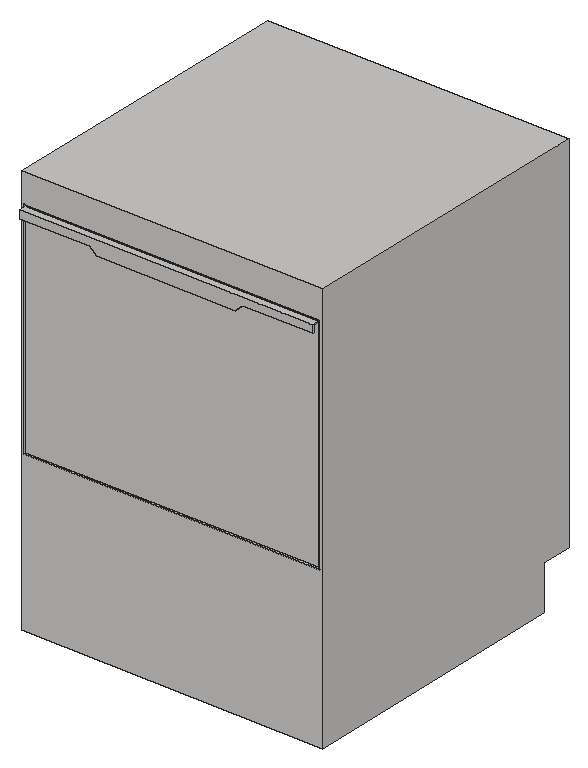
Revit family "QF_ELECTROLUXPROFESSIONAL_400215_ELA3WP", category Specialty Equipment, Revit 2018
Family settings
  Round Connector Dimension = Use Diameter
  Part Type = Normal
  Work Plane-Based = No
  Always vertical = Yes
  Cut with Voids When Loaded = No
  Shared = No
  Room Calculation Point = No
Parameters
  Weight = 54.00 kg
  Watts = 0 W
  Volts = 0 V
  URL Manufacturer = ""
  URL = "http://professional.electrolux.com/"
  Steam Supply Size = 0 mm
  Steam Supply Minimum Pressure = 0.0 Pa
  Steam Supply Maximum Pressure = 0.0 Pa
  Steam Pounds per Hour = 0
  Show Logo [instance] = yes
  Show Clearance [instance] = yes
  Refrigeration Suction Line Size = 0 mm
  Refrigeration Liquid Line Size = 0 mm
  Refrigerant Compressor Remote = yes
  Manufacturer = ""
  Phase = 0
  Model = ""
  Length Actual = 600 mm  # constant formula
  Item Number = ""
  Hot Water Size = 0 mm
  Height Actual = 820 mm  # constant formula
  HP = "7.2 HP"
  Gas Size = 0 mm
  Gas KW = 0
  Gas Input Pressure = 0 W
  Direct Waste Size = 20.5 mm
  Description = ""
  Depth Actual = 648 mm  # constant formula
  Cycle = 0 Hz
  Condensate Return Size = 0 mm
  Compressed Air Volume = 0.0 L/s
  Compressed Air Size = 0 mm
  Compressed Air Pressure = 0.0 Pa
  Cold Water Size = 0 mm
  Accessory = yes
Types (2, lengths in mm): name | Volts | URL Manufacturer | URL | Manufacturer | Phase | Model | Item Number | Hot Water Size | Description | Cycle
  (no name) | 0 V | "" | "http://professional.electrolux.com/" | "" | 0 | "" | "" | 0 | "" | 0 Hz
  Standard | 400 V | "http://professional.electrolux.com" | "http://professional.electrolux.com" | "Electrolux Professional" | 3 | "ELA3WP" | "400215" | 19.05 | "UNDERCOUNTER(L), WASH-SAFE, 3PH, WS, DP, 540D/H" | 50 Hz
Reference planes
  plane 1 "Center (Front/Back)": y = 0
  plane 2: z = 0
  plane 3 "Center (Left/Right)": x = 0
  plane 4 "LEFT": x = -300
  plane 5 "RIGHT": x = 300
  plane 6 "FRONT": y = -306
  plane 7 "BACK": y = 306
  plane 8: x = -202.5
  plane 9: x = 202.5
  plane 10: z = 830
  plane 11: z = 10
Forms (mm)
  Extrusion 1, solid, material "QF_Finishes_Stainless Steel"
    sketch origin (0, 0, 0) x (1, 0, 0) y (0, 1, 0)
      loop
        line (-300, -306) -> (300, -306) -> (300, 245) -> (-300, 245) -> (-300, -306)
    from 10 to 830
  Extrusion 2, solid, material "QF_Finishes_Stainless Steel"
    sketch origin (0, 0, 0) x (1, 0, 0) y (0, 1, 0)
      loop
        line (-300, 245) -> (300, 245) -> (300, 306) -> (-300, 306) -> (-300, 245)
    from 100 to 830
  Extrusion 3, solid, material "QF_Finishes_Stainless Steel"
    sketch origin (0, 17.5, 0) x (1, 0, 0) y (0, 1, 0)
      loop
        circle (-254, 167.5) r 12.5
      loop
        circle (254, 167.5) r 12.5
      loop
        circle (-254, -263.5) r 12.5
      loop
        circle (254, -263.5) r 12.5
    from 0 to 10
  Extrusion 4, void
    sketch origin (-300, -306, 0) x (-1, 0, 0) y (0, 0, 1)
      loop
        line (-5, 773.217) -> (-595, 773.217) -> (-595, 327.335) -> (-5, 327.335) -> (-5, 773.217)
    from 0 to 30
  Extrusion 5, solid, material "QF_Finishes_Stainless Steel"
    sketch origin (-259, -389, 768) x (0, 0, -1) y (1, 0, 0)
      loop
        circle (693, 143) r 10
    from -634 to -695
  Extrusion 6, solid, material "QF_Door-Drawer Clearances", visible <- "Show Clearance", detail levels coarse
    sketch origin (-230, -282.5, 0) x (0, 1, 0) y (0, 0, -1)
      loop
        line (-23.5, -330.419) -> (-391.5, -330.419)
        arc (-391.5, -330.419) -> (-290.693, -619.855) -> (-23.5, -770) r 432.894
        line (-23.5, -770) -> (-23.5, -330.419)
    from 61.197 to -521.306
  Extrusion 7, solid, material "QF_Finishes_Stainless Steel"
    sketch origin (-315.481, -389, 738) x (0, 0, -1) y (1, 0, 0)
      loop
        circle (663, 252.481) r 8
    from -634 to -695
  Extrusion 8, solid, material "QF_Finishes_Stainless Steel"
    sketch origin (-230, -282.5, 0) x (0, 1, 0) y (0, 0, -1)
      loop
        line (-23.5, -330.419) -> (-23.5, -770) -> (1.5, -770) -> (1.5, -330.419) -> (-23.5, -330.419)
    from 61.197 to -521.306
  Extrusion 9, solid, material "QF_Finishes_Stainless Steel"
    sketch origin (-230, -297.5, 0) x (0, 1, 0) y (0, 0, -1)
      loop
        line (-8.5, -770) -> (-8.5, -767.514) -> (-21, -767.514) -> (-21, -741.25) -> (-23.5, -741.25) -> (-23.5, -770) -> (-8.5, -770)
    from 61.197 to -521.306
  Extrusion 10, void
    sketch origin (-230, -321, 770) x (0, 0, 1) y (1, 0, 0)
      loop
        line (-15.552, -61.197) -> (-15.552, 77.909) -> (-28.75, 91.107) -> (-28.75, -61.197) -> (-15.552, -61.197)
      loop
        line (-15.552, 521.197) -> (-28.75, 521.197) -> (-28.75, 368.893) -> (-15.552, 382.091) -> (-15.552, 521.197)
    from 0 to 2.5
  Extrusion 11, solid, material "QF_Finishes_Stainless Steel"
    sketch origin (-295.988, 885.897, 763.79) x (0, -1, 0) y (1, 0, 0)
      loop
        circle (611.5, 158) r 8
    from -663.79 to -673.79
Cuts and joins
  Extrusion 4 cuts Extrusion 1
  joined: Extrusion 1, Extrusion 2
  Extrusion 10 cuts Extrusion 8
  Extrusion 10 cuts Extrusion 9
Lines and regions (mm)
  Split face 1
    outline origin (-300, -306, 830) x (0, 0, -1) y (1, 0, 0)
      loop
        line (21.579, 283.75) -> (39.683, 283.75) -> (39.683, 316.25) -> (21.579, 316.25) -> (21.579, 283.75)
  Split face 2
    outline origin (-300, -306, 830) x (0, 0, -1) y (1, 0, 0)
      loop
        line (56.783, 595) -> (56.783, 600)
      loop
        arc (56.783, 412.5) -> (28.391, 440.891) -> (0, 412.5) r 28.391
  symbolic lines
    curve 1: line (-300, 306, 0) -> (300, 306, 0)
    curve 2: line (-300, -306, 0) -> (-300, 306, 0)
    curve 3: line (300, -306, 0) -> (-300, -306, 0)
    curve 4: line (300, 306, 0) -> (300, -306, 0)
    curve 9: line (-291.197, -306, 0) -> (-291.197, -321, 0)
    curve 10: line (291.306, -321, 0) -> (291.306, -306, 0)
    curve 11: line (-291.197, -321, 0) -> (291.306, -321, 0)
  symbolic lines, style "QF_Door-Drawer Clearances"
    curve 5: line (-291.197, -674, 0) -> (291.306, -674, 0)
    curve 6: line (291.306, -674, 0) -> (291.306, -306, 0)
    curve 7: line (-291.197, -674, 0) -> (-291.197, -306, 0)
  symbolic lines, style "SpecialityEquipmentHiddenLines"
    curve 8: line (-300, 245, 0) -> (300, 245, 0)
Dimensions and locks
  equal spacing: plane 4 "LEFT", plane 3 "Center (Left/Right)", plane 5 "RIGHT"
  equal spacing: plane 7 "BACK", plane 1 "Center (Front/Back)", plane 6 "FRONT"
  plane 7 "BACK" to plane 6 "FRONT" = 612 mm
  plane 4 "LEFT" to plane 5 "RIGHT" = 600 mm
  plane 4 "LEFT" to plane 8 = 97.5 mm
  plane 9 to plane 5 "RIGHT" = 97.5 mm
  plane 11 to level = 10 mm
  plane 4 "LEFT" to plane 3 "Center (Left/Right)" = 300 mm
  plane 10 to level = 830 mm  (x2)
  plane 8 to plane 9 = 405 mm
  Extrusion 11 sketch curve to plane 4 "LEFT" = 162.012 mm
  level to Extrusion 5 sketch curve = 75 mm
  Extrusion 5 sketch curve to plane 4 "LEFT" = 184 mm
  Extrusion 7 sketch curve to plane 4 "LEFT" = 237 mm
  level to Extrusion 7 sketch curve = 75 mm
  Extrusion 3 to cut or joined group of Extrusion 1, Extrusion 2, Extrusion 4 = 121 mm
  Extrusion 3 to Extrusion 3 = 431 mm
  plane 6 "FRONT" to Extrusion 3 = 60 mm
  plane 9 to plane 8 = 405 mm
  plane 7 "BACK" to curve 5 = 980 mm
  cut or joined group of Extrusion 1, Extrusion 2, Extrusion 4 to level = 327.335 mm
  aligned and locked: level to plane 2
  aligned and locked: Extrusion 1 sketch curve to plane 6 "FRONT"
  aligned and locked: Extrusion 1 sketch curve to plane 4 "LEFT"
  aligned and locked: plane 5 "RIGHT" to Extrusion 1 sketch curve
  aligned and locked: Extrusion 1 to plane 11
  aligned and locked: Extrusion 2 sketch curve to Extrusion 1
  aligned and locked: plane 5 "RIGHT" to Extrusion 2 sketch curve
  aligned and locked: plane 11 to Extrusion 3
  aligned and locked: cut or joined group of Extrusion 9, Extrusion 10 to Extrusion 10
Automatic sketch dimensions
  Extrusion 1 sketch curve to plane 7 "BACK" = 61 mm
  Extrusion 3 sketch curve to plane 8 = 51.5 mm  (x2)
  plane 9 to Extrusion 3 sketch curve = 51.5 mm  (x2)
  plane 6 "FRONT" to Extrusion 3 sketch curve = 60 mm  (x2)
  Extrusion 3 sketch curve to plane 7 "BACK" = 121 mm  (x2)
  Extrusion 4 sketch curve to Extrusion 1 = 5 mm  (x2)
  Extrusion 4 sketch curve to Extrusion 1 = 317.335 mm
  Extrusion 4 sketch curve to Extrusion 1 = 56.783 mm
  plane 6 "FRONT" to Extrusion 8 sketch curve = 0 mm
  Extrusion 8 sketch curve to Extrusion 8 sketch curve = 25 mm
  Extrusion 9 sketch curve to plane 6 "FRONT" = 15 mm
  Extrusion 9 sketch curve to Extrusion 9 sketch curve = 2.5 mm
  Extrusion 9 sketch curve to Extrusion 9 sketch curve = 12.5 mm
  Extrusion 9 sketch curve to plane 10 = 60 mm
  Extrusion 9 sketch curve to Extrusion 9 sketch curve = 2.486 mm
  Extrusion 9 sketch curve to Extrusion 9 sketch curve = 26.264 mm
  Extrusion 2 sketch curve to Extrusion 2 sketch curve = 61 mm
  Split face 1 sketch curve to cut or joined group of Extrusion 1, Extrusion 2, Extrusion 4 = 21.579 mm
  Split face 1 sketch curve to Split face 1 sketch curve = 18.104 mm
  Split face 1 sketch curve to cut or joined group of Extrusion 1, Extrusion 2, Extrusion 4 = 278.75 mm
  Split face 1 sketch curve to Split face 1 sketch curve = 32.5 mm
  plane 11 to Extrusion 8 sketch curve = 320.419 mm
  Extrusion 8 sketch curve to plane 10 = 60 mm
  Extrusion 10 sketch curve to Extrusion 9 = 0 mm  (x2)
  Extrusion 9 to Extrusion 10 sketch curve = 0 mm
  Extrusion 10 sketch curve to Extrusion 9 = 13.198 mm  (x2)
  Extrusion 10 sketch curve to Extrusion 9 = 139.107 mm
  Extrusion 10 sketch curve to Extrusion 10 sketch curve = 13.198 mm  (x2)
  Extrusion 10 sketch curve to Extrusion 9 = 152.413 mm
  Extrusion 10 sketch curve to Extrusion 9 = 0.109 mm
  curve 3 to plane 4 "LEFT" = 0 mm
  curve 7 to plane 6 "FRONT" = 0 mm
  curve 4 to plane 5 "RIGHT" = 0 mm
  curve 2 to plane 7 "BACK" = 0 mm
  plane 4 "LEFT" to curve 5 = 8.803 mm
  curve 5 to plane 5 "RIGHT" = 8.694 mm
  plane 4 "LEFT" to curve 11 = 8.803 mm
  curve 10 to plane 5 "RIGHT" = 8.694 mm
  curve 11 to plane 6 "FRONT" = 15 mm
  curve 8 to plane 7 "BACK" = 61 mm
  Extrusion 2 sketch curve to plane 7 "BACK" = 0 mm
  Split face 2 sketch curve to cut or joined group of Extrusion 1, Extrusion 2, Extrusion 4 = 0 mm  (x5)
  Split face 2 sketch curve to cut or joined group of Extrusion 1, Extrusion 2, Extrusion 4 = 182.5 mm
  Extrusion 11 sketch curve to plane 7 "BACK" = 31.603 mm
  Extrusion 6 sketch curve to plane 6 "FRONT" = 0 mm
  plane 6 "FRONT" to Extrusion 6 sketch curve = 64.74 mm
  plane 11 to Extrusion 6 sketch curve = 331.974 mm
  Extrusion 6 sketch curve to Extrusion 6 sketch curve = 11.555 mm
  Extrusion 6 sketch curve to plane 6 "FRONT" = 368 mm
  radius of Extrusion 5 sketch curve = 10 mm
  radius of Extrusion 7 sketch curve = 8 mm
  radius of Extrusion 3 sketch curve = 12.5 mm  (x4)
  radius of Extrusion 11 sketch curve = 8 mm
Connectors
  piping at (-116, 306, 75), diameter 20
    settings: on Extrusion 5, index 1, connector inside diameter 609.6 mm, connector length 0 mm, flow factor 0, pipe flow 0.0 L/s, pressure drop 0.0 Pa, fitting loss kfactor 0, connector angle 0.00°, fixture units 0, engagement length 0 mm, angle of deflection 0.00°, flow configuration 1, flow direction 1, fitting loss method 0, system type 16, joint type 0, gender type 0, connector reference index -1, connector utility 0, adjustable connector no, is connector primary yes, connector description "Drain"
  piping at (-63, 306, 75), diameter 16
    settings: on Extrusion 7, index 3, connector inside diameter 609.6 mm, connector length 0 mm, flow factor 0, pipe flow 0.0 L/s, pressure drop 0.0 Pa, fitting loss kfactor 0, connector angle 0.00°, fixture units 0, engagement length 0 mm, angle of deflection 0.00°, flow configuration 1, flow direction 1, fitting loss method 0, system type 20, joint type 0, gender type 0, connector reference index -1, connector utility 0, adjustable connector no, is connector primary no, connector description "Cold Water Inlet"
  electrical at (-137.988, 274.397, 90), driven by "Volts"
    settings: on Extrusion 11, index 4, voltage 0 V, apparent load 0 VA, apparent load phase1 0 VA, apparent load phase2 0 VA, apparent load phase3 0 VA, power factor 1, load classification "Altro", number of poles 1, system type 31, power factor state 1, is connector primary yes, connector utility no, sub classification motor no, connector description "Electrical Connection"
